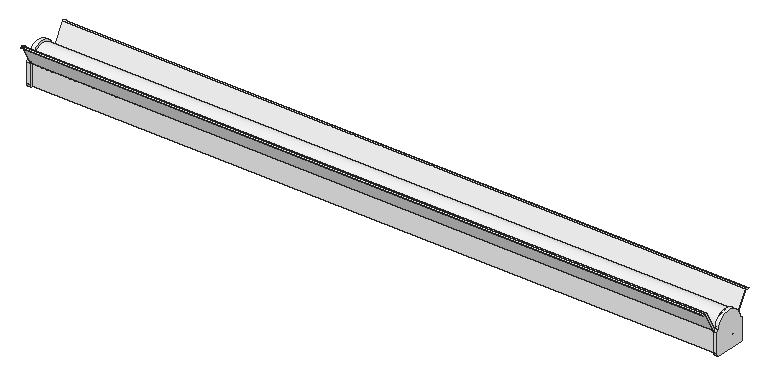
Revit family "0045193+0045235 Feilo Sylvania Lighting Fixture SYLBATTEN LED8 NW DALI TP5 with SYMMETRIC REFLECTOR ACCESSORY 1500MM", category Lighting Fixtures, host Face, Revit 2017
Family settings
  Host = Face
  Round Connector Dimension = Use Diameter
  Part Type = Normal
  OmniClass Number = 23.80.70.00
  OmniClass Title = Lighting
  Cut with Voids When Loaded = No
  Light Source = Yes
  Shared = No
  Room Calculation Point = No
Parameters (values of type "0045193 SYLBATTEN LED8 NW DALI TP5")
  Width_FEILO = 66 mm
  Weight = "3.148 kg"
  Wattage Comments = "n/a"
  Wattage = 79 W
  WarrantyStartDate [instance] = "n/a"
  WarrantyGuarantorParts = "n/a"
  WarrantyDurationUnit = "n/a"
  WarrantyDurationParts = "n/a"
  WarrantyDescription = "n/a"
  built-in parameter 1150110 = 1 (stored number, unit not read)
  Voltage = 230 V
  URL = "http://www.sylvania-lighting.com"
  TypeName = "SYLBATTEN LED8 NW DALI TP5"
  Type Image = <None>
  Type Comments = "n/a"
  built-in parameter 1114217 = 1 (stored number, unit not read)
  Tilt Angle = -90.00°
  built-in parameter 1150109 = 1 (stored number, unit not read)
  built-in parameter 1150134 = 12
  SymReflector_FEILO = yes
  built-in parameter 1150113 = 1 (stored number, unit not read)
  SerialNumber [instance] = "n/a"
  PowerFactor = 0
  PowerConsumption = "79 W"
  Photometric Web File = "0045193+0045235.ies"
  NominalLength = 1505 mm
  NominalHeight = 76 mm
  NominalDepth = 66 mm
  Name = "SYLBATTEN LED8 NW DALI TP5"
  ModelReference = Name  # "SYLBATTEN LED8 NW DALI TP5"
  ModelNumber = "0045193"
  Model = Name  # "SYLBATTEN LED8 NW DALI TP5"
  Material_4_FEILO = Reflector-Sylvania-Sylbatten-White
  Material_3_FEILO = Diffuser-Sylvania-Sylbatten-Glow
  Material_2_FEILO = Body-Sylvania-Sylbatten-White
  Material_1_FEILO = Body-Sylvania-Sylbatten-White
  Material = "sheet steel housing, polycarbonate diffuser"
  ManufacturerName = "Feilo Sylvania"
  Manufacturer = "Feilo Sylvania"
  LuminousEfficacy = "105.6 lm/W"
  built-in parameter 1150105 = 664.31 (stored number, unit not read)
  Lumens = 8347.93 lm
  LuminaireType = ""
  built-in parameter 1150115 = 1 (stored number, unit not read)
  LightOutputRatio = "100"
  built-in parameter 1150137 = (empty or 0)
  built-in parameter 1150139 = (empty or 0)
  Length_FEILO = 1505 mm
  LampsType = Lamp  # "LED"
  LampNominalLuminous = "8348 lm"
  LampMacAdamStep = "n/a"
  LampColourTemperature = "4000 K"
  LampColourRenderingIndex = "80"
  built-in parameter 1150112 = 1 (stored number, unit not read)
  built-in parameter 1150114 = 1 (stored number, unit not read)
  Lamp = "LED"
  Keynote = "16500"
  InstallationDate [instance] = "n/a"
  InputVoltage = "220-240V~"
  InputNominalFrequency = "n/a"
  built-in parameter 1150132 = (empty or 0)
  built-in parameter 1150102 = (empty or 0)
  built-in parameter 1150107 = 4000 (stored number, unit not read)
  built-in parameter 1150138 = (empty or 0)
  IngressProtection = "IP20"
  ImpactProtectionIndex = "IK07"
  built-in parameter 1150106 = 6.6431 (stored number, unit not read)
  IfcExportType = "IfcLightFixtureType"
  IfcExportAs = "IfcLightFixtureType"
  Height_FEILO = 76 mm
  ExpectedLife = 50000
  Emit from Rectangle Width = Length_FEILO - 16 mm  # 1489 mm
  Emit from Rectangle Length = Width_FEILO - 40 mm  # 26 mm
  Emit Shape Visible in Rendering = no
  ElectricShockClassification = "Class I"
  built-in parameter 1150104 = 9.8171 (stored number, unit not read)
  DurationUnit = "hours"
  DocumentationLiterature = "http://www.sylvania-lighting.com/product/en-int/products/0045193"
  DimmingControlOptions = "Dimmable"
  Dimming Lamp Color Temperature Shift = <None>
  Description = "LED batten, T8 replacement, ease of installation through 2 part push-in design of the housing (safety cable included), through wiring capability (TP5 = 5 core), sheet steel, 8348LM, 79W, 106lm/W, 4000K, drive current: 450mA, CRI 80, 138° wide beam angle, DALI dimmable, IP20, IK07, 50,000 hrs (L70), (LxWxH) 1505x66x76mm, 5 step MacAdam ellipse, 3.7kg, white RAL 9016, Class 1, 220-240V, energy class: A++, A+, A."
  Default Elevation = 1219.2 mm
  CreatedOn = "2/22/2018"
  CreatedBy = ""
  Cost = 0
  Color Filter = 16777215
  built-in parameter 1114216 [instance] = (empty or 0)
  ClassificationValue = "EF_70_80"
  ClassificationName = "Uniclass2015"
  CapOffset_FEILO = 2 mm
  BarCode [instance] = "n/a"
  built-in parameter 1114218 = 1 (stored number, unit not read)
  BackReflector_FEILO = and(not(AsymReflector_FEILO), SymReflector_FEILO)  # yes
  built-in parameter 1150133 = 10 (stored number, unit not read)
  FrontReflector_FEILO = or(AsymReflector_FEILO, SymReflector_FEILO)  # yes
  AsymReflector_FEILO = no
  AssetType = "Fixed"
  AssetIdentifier [instance] = "n/a"
  Assembly Code = "D5020200"
  Apparent Load = 79 VA
Reference planes
  plane 1 "Center (Front/Back)": y = 0
  plane 2: z = 0
  plane 3 "Center (Left/Right)": x = 0
  plane 4: x = 752.5
  plane 5: x = -752.5
  plane 6: y = 33
  plane 7: y = -33
  plane 8: z = 76
  plane 9: z = 47
  plane 10: y = -29
  plane 11: y = 29
  plane 12: z = 20
  plane 13: z = 74
  plane 14: y = -31
  plane 15: y = -27
  plane 16: y = 27
  plane 17: y = 31
  plane 18: z = 2
  plane 19: x = -744.5
  plane 20: x = 744.5
  plane 21: z = 49
  plane 22: y = 1
  plane 23: y = -1
  plane 24: z = 21
  plane 25: z = 19
  plane 26: y = -61
  plane 27: y = 61
  plane 28: y = -56
  plane 29: y = 56
  plane 30: z = 91
  plane 31: z = 88
Forms (mm)
  Extrusion 1, solid, material "Body-Sylvania-Sylbatten-White" <- "Material_2_FEILO"
    sketch origin (0, 0, 0) x (0, 1, 0) y (0, 0, 1)
      loop
        line (-31, 2) -> (31, 2) -> (31, 45)
        arc (31, 45) -> (30.414, 46.414) -> (29, 47) r 2
        line (29, 47) -> (27, 47)
        arc (27, 47) -> (0, 74) -> (-27, 47) r 27
        line (-27, 47) -> (-29, 47)
        arc (-29, 47) -> (-30.414, 46.414) -> (-31, 45) r 2
        line (-31, 45) -> (-31, 2)
    from -744.5 to 744.5
  Extrusion 2, solid, material "Body-Sylvania-Sylbatten-White" <- "Material_2_FEILO"
    sketch origin (752.5, 1524, 1219.2) x (0, 1, 0) y (0, 0, 1)
      loop
        arc (-1494, -1219.2) -> (-1491.879, -1218.321) -> (-1491, -1216.2) r 3
        line (-1491, -1216.2) -> (-1491, -1173.2)
        arc (-1491, -1173.2) -> (-1491.879, -1171.079) -> (-1494, -1170.2) r 3
        line (-1494, -1170.2) -> (-1495.069, -1170.2)
        arc (-1495.069, -1170.2) -> (-1524, -1143.2) -> (-1552.931, -1170.2) r 29
        line (-1552.931, -1170.2) -> (-1554, -1170.2)
        arc (-1554, -1170.2) -> (-1556.121, -1171.079) -> (-1557, -1173.2) r 3
        line (-1557, -1173.2) -> (-1557, -1216.2)
        arc (-1557, -1216.2) -> (-1556.121, -1218.321) -> (-1554, -1219.2) r 3
        line (-1554, -1219.2) -> (-1494, -1219.2)
      loop
        arc (-1525, -1189.25) -> (-1531.071, -1192.129) -> (-1533.95, -1198.2) r 10
        line (-1533.95, -1198.2) -> (-1532.944, -1198.2)
        arc (-1532.944, -1198.2) -> (-1530.364, -1192.836) -> (-1525, -1190.256) r 9
        line (-1525, -1190.256) -> (-1525, -1189.25)
      loop
        arc (-1523, -1190.256) -> (-1517.636, -1192.836) -> (-1515.056, -1198.2) r 9
        line (-1515.056, -1198.2) -> (-1514.05, -1198.2)
        arc (-1514.05, -1198.2) -> (-1516.929, -1192.129) -> (-1523, -1189.25) r 10
        line (-1523, -1189.25) -> (-1523, -1190.256)
      loop
        line (-1532.944, -1200.2) -> (-1533.95, -1200.2)
        arc (-1533.95, -1200.2) -> (-1531.071, -1206.271) -> (-1525, -1209.15) r 10
        line (-1525, -1209.15) -> (-1525, -1208.144)
        arc (-1525, -1208.144) -> (-1530.364, -1205.564) -> (-1532.944, -1200.2) r 9
      loop
        arc (-1515.056, -1200.2) -> (-1517.636, -1205.564) -> (-1523, -1208.144) r 9
        line (-1523, -1208.144) -> (-1523, -1209.15)
        arc (-1523, -1209.15) -> (-1516.929, -1206.271) -> (-1514.05, -1200.2) r 10
        line (-1514.05, -1200.2) -> (-1515.056, -1200.2)
    from 0 to -8
  Extrusion 3, solid, material "Body-Sylvania-Sylbatten-White" <- "Material_2_FEILO"
    sketch origin (-752.5, 1524, 1219.2) x (0, 1, 0) y (0, 0, 1)
      loop
        arc (-1495.069, -1170.2) -> (-1524, -1143.2) -> (-1552.931, -1170.2) r 29
        line (-1552.931, -1170.2) -> (-1554, -1170.2)
        arc (-1554, -1170.2) -> (-1556.121, -1171.079) -> (-1557, -1173.2) r 3
        line (-1557, -1173.2) -> (-1557, -1216.2)
        arc (-1557, -1216.2) -> (-1556.121, -1218.321) -> (-1554, -1219.2) r 3
        line (-1554, -1219.2) -> (-1494, -1219.2)
        arc (-1494, -1219.2) -> (-1491.879, -1218.321) -> (-1491, -1216.2) r 3
        line (-1491, -1216.2) -> (-1491, -1173.2)
        arc (-1491, -1173.2) -> (-1491.879, -1171.079) -> (-1494, -1170.2) r 3
        line (-1494, -1170.2) -> (-1495.069, -1170.2)
      loop
        line (-1533.95, -1198.2) -> (-1532.944, -1198.2)
        arc (-1532.944, -1198.2) -> (-1530.364, -1192.836) -> (-1525, -1190.256) r 9
        line (-1525, -1190.256) -> (-1525, -1189.25)
        arc (-1525, -1189.25) -> (-1531.071, -1192.129) -> (-1533.95, -1198.2) r 10
      loop
        line (-1523, -1189.25) -> (-1523, -1190.256)
        arc (-1523, -1190.256) -> (-1517.636, -1192.836) -> (-1515.056, -1198.2) r 9
        line (-1515.056, -1198.2) -> (-1514.05, -1198.2)
        arc (-1514.05, -1198.2) -> (-1516.929, -1192.129) -> (-1523, -1189.25) r 10
      loop
        line (-1514.05, -1200.2) -> (-1515.056, -1200.2)
        arc (-1515.056, -1200.2) -> (-1517.636, -1205.564) -> (-1523, -1208.144) r 9
        line (-1523, -1208.144) -> (-1523, -1209.15)
        arc (-1523, -1209.15) -> (-1516.929, -1206.271) -> (-1514.05, -1200.2) r 10
      loop
        line (-1525, -1209.15) -> (-1525, -1208.144)
        arc (-1525, -1208.144) -> (-1530.364, -1205.564) -> (-1532.944, -1200.2) r 9
        line (-1532.944, -1200.2) -> (-1533.95, -1200.2)
        arc (-1533.95, -1200.2) -> (-1531.071, -1206.271) -> (-1525, -1209.15) r 10
    from 0 to 8
  Extrusion 4, solid, material "Reflector-Sylvania-Sylbatten-White" <- "Material_4_FEILO", visible <- "FrontReflector_FEILO"
    sketch origin (0, 0, 0) x (0, 1, 0) y (0, 0, 1)
      loop
        line (-61.257, 88.429) -> (-60.743, 87.571) -> (-56.621, 90.044)
        arc (-56.621, 90.044) -> (-56.237, 90.099) -> (-55.929, 89.863) r 0.5
        line (-55.929, 89.863) -> (-31.435, 46.753) -> (-30.565, 47.247) -> (-55.312, 90.802)
        arc (-55.312, 90.802) -> (-55.928, 91.275) -> (-56.696, 91.165) r 1
        line (-56.696, 91.165) -> (-61.257, 88.429)
    from -744.5 to 744.5
  Extrusion 5, solid, material "Reflector-Sylvania-Sylbatten-White" <- "Material_4_FEILO", visible <- "BackReflector_FEILO"
    sketch origin (0, 0, 0) x (0, 1, 0) y (0, 0, 1)
      loop
        line (30.565, 47.247) -> (31.435, 46.753) -> (55.932, 89.868)
        arc (55.932, 89.868) -> (56.245, 90.112) -> (56.638, 90.062) r 0.518
        line (56.638, 90.062) -> (61.033, 87.565) -> (61.527, 88.435) -> (56.682, 91.188)
        arc (56.682, 91.188) -> (55.922, 91.282) -> (55.318, 90.812) r 1
        line (55.318, 90.812) -> (30.565, 47.247)
    from -744.5 to 744.5
Lines and regions (mm)
  reference lines
    curve 1: line (0, -61, 88) -> (0, -56, 91)
    curve 2: line (0, -56, 91) -> (0, -31, 47)
    curve 3: line (0, 31, 47) -> (0, 56, 91)
    curve 4: line (0, 56, 91) -> (0, 61.28, 88)
Dimensions and locks
  equal spacing: plane 5, plane 3 "Center (Left/Right)", plane 4
  equal spacing: plane 7, plane 1 "Center (Front/Back)", plane 6
  "Width_FEILO": plane 7 to plane 6
  "Length_FEILO": plane 5 to plane 4
  "Height_FEILO": plane 8 to plane 2
  locked: plane 9 to plane 8 at 29
  equal spacing: plane 10, plane 1 "Center (Front/Back)", plane 11
  locked: plane 7 to plane 10 at 4
  locked: plane 12 to plane 2 at 20
  "CapOffset_FEILO": plane 13 to plane 8
  "CapOffset_FEILO": plane 7 to plane 14
  "CapOffset_FEILO": plane 10 to plane 15
  "CapOffset_FEILO": plane 17 to plane 6
  "CapOffset_FEILO": plane 16 to plane 11
  "CapOffset_FEILO": plane 18 to plane 2
  locked: plane 14 to Extrusion 1 sketch curve at 2
  locked: Extrusion 1 sketch curve to plane 9 at 2  (x2)
  locked: plane 16 to Extrusion 1 sketch curve at 2
  equal spacing: plane 19, plane 3 "Center (Left/Right)", plane 20
  locked: plane 5 to plane 19 at 8
  "CapOffset_FEILO": plane 9 to plane 21
  locked: Extrusion 2 sketch curve to plane 2 at 47
  locked: Extrusion 1 sketch curve to plane 2 at 47
  locked: Extrusion 2 sketch curve to plane 2 at 3  (x2)
  locked: plane 7 to Extrusion 2 sketch curve at 3  (x2)
  locked: Extrusion 2 sketch curve to plane 6 at 3  (x2)
  locked: Extrusion 2 sketch curve to plane 21 at 3  (x2)
  equal spacing: plane 23, plane 1 "Center (Front/Back)", plane 22
  equal spacing: plane 25, plane 12, plane 24
  plane 30 to plane 31 to plane 2 = 3 mm locked, 88 mm locked
  plane 28 to plane 29 = 112 mm
  plane 26 to plane 27 = 122 mm
  aligned and locked: plane 2 to host face
  aligned and locked: level to host face
  aligned and locked: plane 18 to Extrusion 1 sketch curve
  aligned and locked: plane 14 to Extrusion 1 sketch curve
  aligned and locked: Extrusion 1 sketch curve to plane 9  (x2)
  aligned and locked: Extrusion 1 sketch curve to plane 17
  aligned and locked: plane 15 to Extrusion 1 sketch curve
  aligned and locked: plane 16 to Extrusion 1 sketch curve
  aligned and locked: plane 9 to Extrusion 1 sketch curve
  aligned and locked: plane 20 to Extrusion 1
  aligned and locked: level to Extrusion 2 sketch curve
  aligned and locked: Extrusion 2 sketch curve to plane 7
  aligned and locked: plane 21 to Extrusion 2 sketch curve
  aligned and locked: Extrusion 2 sketch curve to plane 21
  aligned and locked: plane 1 "Center (Front/Back)" to Extrusion 2 sketch curve  (x3)
  aligned and locked: Extrusion 2 to Extrusion 1
  aligned and locked: plane 4 to Extrusion 2
  aligned and locked: plane 12 to Extrusion 2 sketch curve  (x2)
  aligned and locked: Extrusion 2 sketch curve to plane 22
  aligned and locked: Extrusion 2 sketch curve to plane 23
  aligned and locked: Extrusion 2 sketch curve to plane 24
  aligned and locked: Extrusion 2 sketch curve to plane 25
  aligned and locked: plane 25 to Extrusion 2 sketch curve
  aligned and locked: plane 22 to Extrusion 2 sketch curve
  aligned and locked: plane 24 to Extrusion 2 sketch curve
  aligned and locked: plane 23 to Extrusion 2 sketch curve  (x2)
  aligned and locked: Extrusion 3 sketch curve to Extrusion 2  (x22)
  aligned and locked: Extrusion 3 to Extrusion 1
  aligned and locked: Extrusion 3 to plane 5
  aligned and locked: plane 19 to Extrusion 3
  aligned and locked: plane 31 to curve 1
  aligned and locked: plane 30 to curve 1
  aligned and locked: plane 14 to curve 2
  aligned and locked: plane 9 to curve 2
  aligned and locked: plane 17 to curve 3
  aligned and locked: plane 30 to curve 3
  aligned and locked: plane 31 to curve 4
  aligned and locked: Extrusion 4 sketch curve to curve 2
  aligned and locked: Extrusion 4 sketch curve to curve 1
  aligned and locked: Extrusion 4 to Extrusion 1
  aligned and locked: Extrusion 1 to Extrusion 4
  aligned and locked: imposter light to plane 1 "Center (Front/Back)"
  aligned and locked: imposter light to plane 3 "Center (Left/Right)"
  aligned and locked: imposter light to plane 13
  aligned and locked: Extrusion 5 sketch curve to curve 4
  aligned and locked: Extrusion 5 sketch curve to curve 3
  aligned and locked: Extrusion 1 to Extrusion 5
  aligned and locked: Extrusion 5 to Extrusion 1
Automatic sketch dimensions
  host sketch curve to host sketch curve = 2438.4 mm  (x2)
  Extrusion 2 sketch curve to Extrusion 2 sketch curve = 0 mm  (x14)
  Extrusion 2 sketch curve to plane 10 = 0.069 mm
  plane 23 to Extrusion 2 sketch curve = 8.95 mm
  Extrusion 2 sketch curve to Extrusion 2 sketch curve = 1.006 mm  (x4)
  Extrusion 2 sketch curve to plane 22 = 7.944 mm
  curve 1 to plane 26 = 0 mm
  curve 2 to plane 28 = 0 mm
  curve 4 to plane 29 = 0 mm
  plane 9 to curve 3 = 0 mm
  plane 26 to Extrusion 4 sketch curve = 0.257 mm
  Extrusion 4 sketch curve to plane 26 = 0.257 mm
  Extrusion 4 sketch curve to plane 30 = 0.165 mm
  plane 28 to Extrusion 4 sketch curve = 0.696 mm
  plane 28 to Extrusion 4 sketch curve = 0.621 mm
  plane 28 to Extrusion 4 sketch curve = 0.364 mm
  plane 28 to Extrusion 4 sketch curve = 0.182 mm
  Extrusion 4 sketch curve to plane 28 = 0.071 mm
  plane 30 to Extrusion 4 sketch curve = 0.198 mm
  Extrusion 4 sketch curve to plane 28 = 0.688 mm
  plane 9 to Extrusion 4 sketch curve = 0.247 mm
  plane 1 "Center (Front/Back)" to Extrusion 4 sketch curve = 31.435 mm
  Extrusion 5 sketch curve to plane 9 = 0.247 mm
  Extrusion 5 sketch curve to plane 1 "Center (Front/Back)" = 30.565 mm
  plane 9 to Extrusion 5 sketch curve = 0.247 mm
  plane 30 to Extrusion 5 sketch curve = 0.188 mm
  plane 29 to Extrusion 5 sketch curve = 0.068 mm
  Extrusion 5 sketch curve to plane 29 = 0.188 mm
  Extrusion 5 sketch curve to plane 29 = 0.382 mm
  Extrusion 5 sketch curve to Extrusion 5 sketch curve = 0.256 mm
  Extrusion 5 sketch curve to plane 30 = 0.188 mm
  Extrusion 5 sketch curve to plane 29 = 0.682 mm
  Extrusion 5 sketch curve to plane 27 = 0.033 mm
  Extrusion 5 sketch curve to plane 27 = 0.527 mm
Connectors
  electrical at (0, 0, 0), driven by "Apparent Load", driven by "PowerFactor", driven by "Voltage"
    settings: index 1, voltage 230 V, apparent load 79 VA, apparent load phase1 0 VA, apparent load phase2 0 VA, apparent load phase3 0 VA, power factor 0, load classification "Lighting", number of poles 1, system type 30, power factor state 1, is connector primary yes, connector utility no, sub classification motor no, connector description ""
